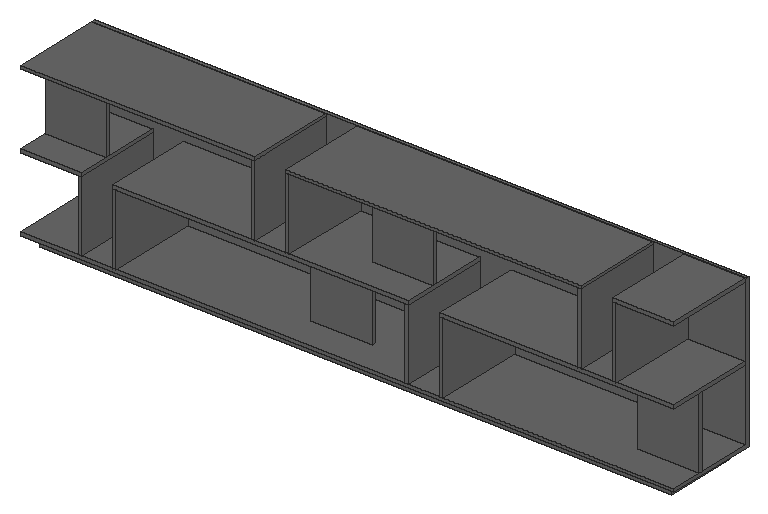
Revit family "Grek Box", category Arredi, Revit 2015
Parameters (values of type "240x34 cm - a parete")
  URL = "http://www.livingdivani.it"
  Modello = "Grek Box"
  Mensole 120 = not(Larghezza Doppia)  # no
  Mat. Struttura = Acciaio - Lucido
  Mat. Scaffali = Satinata - Nero
  Produttore = "LivingDivani"
  Lunghezza = if(Larghezza Doppia, 240 cm, 120 cm)  # 240 cm
  Mensole 240 = Larghezza Doppia  # yes
  Larghezza Doppia = yes
  Codice Prodotto = "GREL240"
  Aggancio 240 = and(A Parete, Larghezza Doppia)  # yes
  Aggancio 120 = and(A Parete, not(Larghezza Doppia))  # no
  A Parete = yes
Types (5, lengths in cm): name | Mensole 120 | Lunghezza | Mensole 240 | Larghezza Doppia | Codice Prodotto | Aggancio 240 | Aggancio 120 | A Parete
  (no name) | no | 240 | yes | yes | "GREL240" | yes | no | yes
  120x34 cm - a parete | yes | 120 | no | no | "GREL120" | no | yes | yes
  240x34 cm - a parete | no | 240 | yes | yes | "GREL240" | yes | no | yes
  240x34 cm | no | 240 | yes | yes | "GREL240" | no | no | no
  120x34 cm | yes | 120 | no | no | "GREL120" | no | no | no
Reference planes (cm)
  plane 1 "Centro (Fronte/Retro)": y = 0
  plane 2: z = 0
  plane 3 "Centro (Sinistra/Destra)": x = 0
  plane 4: x = -120
  plane 5: x = 120
  plane 6: y = 17
  plane 7: y = -17
  plane 8: z = 31.4
  plane 9: z = 60
Forms (cm)
  Extrusion 1, solid, material "Satinata - Nero" <- "Mat. Scaffali"
    sketch origin (0, 0, 0) x (1, 0, 0) y (0, 1, 0)
      loop
        line (116, -13) -> (116, 13) -> (-116, 13) -> (-116, -13) -> (116, -13)
    from 0 to 4
  Extrusion 2, solid, material "Satinata - Nero" <- "Mat. Scaffali"
    sketch origin (0, 0, 0) x (1, 0, 0) y (0, 1, 0)
      loop
        line (-120, 17) -> (-120, -17) -> (120, -17) -> (120, 17) -> (-120, 17)
    from 4 to 5.2
  Extrusion 3, solid, material "Satinata - Nero" <- "Mat. Scaffali"
    sketch origin (0, -4.3, 0) x (1, 0, 0) y (0, 0, 1)
      loop
        line (-120, 32.6) -> (-97.5, 32.6) -> (-97.5, 58.8) -> (-120, 58.8) -> (-120, 32.6)
    from 0 to 1.2
  Extrusion 4, solid, material "Satinata - Nero" <- "Mat. Scaffali"
    sketch origin (0, 17, 4.8) x (1, 0, 0) y (0, 0, 1)
      loop
        line (-120, 0.4) -> (120, 0.4) -> (120, 55.2) -> (-120, 55.2) -> (-120, 0.4)
    from 0 to 1.2
  Extrusion 5, solid, material "Satinata - Nero" <- "Mat. Scaffali", visible <- "Mensole 240"
    sketch origin (-92.9514, -152.4, 60) x (-1, 0, 0) y (0, -1, 0)
      loop
        line (-70.4514, -135.4) -> (-178.9514, -135.4) -> (-178.9514, -168.2) -> (-70.4514, -168.2) -> (-70.4514, -135.4)
      loop
        line (27.0486, -135.4) -> (-58.9514, -135.4) -> (-58.9514, -168.2) -> (27.0486, -168.2) -> (27.0486, -135.4)
    from 0 to -1.2
  Extrusion 6, solid, material "Satinata - Nero" <- "Mat. Scaffali"
    sketch origin (0, -4.3, 0) x (-1, 0, 0) y (0, 0, -1)
      loop
        line (-120, -5.2) -> (-120, -31.4) -> (-97.5, -31.4) -> (-97.5, -5.2) -> (-120, -5.2)
    from 0 to 1.2
  Extrusion 7, solid, material "Satinata - Nero" <- "Mat. Scaffali", visible <- "Mensole 240"
    sketch origin (-92.9514, -152.4, 31.4) x (-1, 0, 0) y (0, -1, 0)
      loop
        line (-6.9514, -135.4) -> (-115.4514, -135.4) -> (-115.4514, -168.2) -> (-6.9514, -168.2) -> (-6.9514, -135.4)
      loop
        line (-126.9514, -135.4) -> (-212.9514, -135.4) -> (-212.9514, -168.2) -> (-126.9514, -168.2) -> (-126.9514, -135.4)
    from 0 to 1.2
  Extrusion 8, solid, material "Satinata - Nero" <- "Mat. Scaffali"
    sketch origin (-38.7, 0, 0) x (0, 1, 0) y (0, 0, 1)
      loop
        line (-17, 31.4) -> (-17, 5.2) -> (15.8, 5.2) -> (15.8, 31.4) -> (-17, 31.4)
    from -60 to -58.8
  Extrusion 9, solid, material "Satinata - Nero" <- "Mat. Scaffali"
    sketch origin (-26, 0, 0) x (0, 1, 0) y (0, 0, 1)
      loop
        line (-17, 31.4) -> (-17, 5.2) -> (15.8, 5.2) -> (15.8, 31.4) -> (-17, 31.4)
    from -60 to -58.8
  Extrusion 10, solid, material "Satinata - Nero" <- "Mat. Scaffali"
    sketch origin (-190.4514, -152.4, 31.4) x (-1, 0, 0) y (0, -1, 0)
      loop
        line (-70.4514, -135.4) -> (-92.9514, -135.4) -> (-92.9514, -168.2) -> (-70.4514, -168.2) -> (-70.4514, -135.4)
    from 0 to 1.2
  Extrusion 11, solid, material "Satinata - Nero" <- "Mat. Scaffali"
    sketch origin (38.7, 0, 0) x (0, 1, 0) y (0, 0, -1)
      loop
        line (-17, -58.8) -> (15.8, -58.8) -> (15.8, -32.6) -> (-17, -32.6) -> (-17, -58.8)
    from -60 to -58.8
  Extrusion 12, solid, material "Satinata - Nero" <- "Mat. Scaffali"
    sketch origin (26, 0, 0) x (0, 1, 0) y (0, 0, -1)
      loop
        line (-17, -58.8) -> (15.8, -58.8) -> (15.8, -32.6) -> (-17, -32.6) -> (-17, -58.8)
    from -60 to -58.8
  Extrusion 13, solid, material "Satinata - Nero" <- "Mat. Scaffali"
    sketch origin (7.0486, -152.4, 60) x (-1, 0, 0) y (0, -1, 0)
      loop
        line (-90.4514, -135.4) -> (-112.9514, -135.4) -> (-112.9514, -168.2) -> (-90.4514, -168.2) -> (-90.4514, -135.4)
    from 0 to -1.2
  Extrusion 14, solid, material "Satinata - Nero" <- "Mat. Scaffali", visible <- "Mensole 240"
    sketch origin (-97.5, -4.3, 0) x (-1, 0, 0) y (0, 0, -1)
      loop
        line (-120, -32.6) -> (-120, -58.8) -> (-97.5, -58.8) -> (-97.5, -32.6) -> (-120, -32.6)
    from 0 to 1.2
  Extrusion 15, solid, material "Satinata - Nero" <- "Mat. Scaffali", visible <- "Mensole 240"
    sketch origin (97.5, -4.3, 0) x (1, 0, 0) y (0, 0, 1)
      loop
        line (-120, 5.2) -> (-97.5, 5.2) -> (-97.5, 31.4) -> (-120, 31.4) -> (-120, 5.2)
    from 0 to 1.2
  Extrusion 16, solid, material "Satinata - Nero" <- "Mat. Scaffali", visible <- "Mensole 240"
    sketch origin (24.8, 0, 0) x (0, 1, 0) y (0, 0, 1)
      loop
        line (-17, 58.8) -> (-17, 32.6) -> (15.8, 32.6) -> (15.8, 58.8) -> (-17, 58.8)
    from -60 to -58.8
  Extrusion 17, solid, material "Satinata - Nero" <- "Mat. Scaffali", visible <- "Mensole 240"
    sketch origin (37.5, 0, 0) x (0, 1, 0) y (0, 0, 1)
      loop
        line (-17, 58.8) -> (-17, 32.6) -> (15.8, 32.6) -> (15.8, 58.8) -> (-17, 58.8)
    from -60 to -58.8
  Extrusion 18, solid, material "Satinata - Nero" <- "Mat. Scaffali", visible <- "Mensole 240"
    sketch origin (-24.8, 0, 0) x (0, 1, 0) y (0, 0, -1)
      loop
        line (-17, -31.4) -> (15.8, -31.4) -> (15.8, -5.2) -> (-17, -5.2) -> (-17, -31.4)
    from -60 to -58.8
  Extrusion 19, solid, material "Satinata - Nero" <- "Mat. Scaffali", visible <- "Mensole 240"
    sketch origin (-37.5, 0, 0) x (0, 1, 0) y (0, 0, -1)
      loop
        line (-17, -31.4) -> (15.8, -31.4) -> (15.8, -5.2) -> (-17, -5.2) -> (-17, -31.4)
    from -60 to -58.8
  Extrusion 20, solid, material "Satinata - Nero" <- "Mat. Scaffali", visible <- "Mensole 120"
    sketch origin (-156.4514, -152.4, 31.4) x (-1, 0, 0) y (0, -1, 0)
      loop
        line (-130.4514, -135.4) -> (-276.4514, -135.4) -> (-276.4514, -168.2) -> (-130.4514, -168.2) -> (-130.4514, -135.4)
    from 0 to 1.2
  Extrusion 21, solid, material "Satinata - Nero" <- "Mat. Scaffali", visible <- "Mensole 120"
    sketch origin (-26.9514, -152.4, 60) x (-1, 0, 0) y (0, -1, 0)
      loop
        line (33.0486, -135.4) -> (-52.9514, -135.4) -> (-52.9514, -168.2) -> (33.0486, -168.2) -> (33.0486, -135.4)
    from 0 to -1.2
Cuts and joins
  joined: Extrusion 2, Extrusion 4
Dimensions and locks (cm)
  locked: plane 6 to Extrusion 1 at 4
  locked: plane 7 to Extrusion 1 at 4
  locked: Extrusion 1 to plane 5 at 4
  locked: plane 4 to Extrusion 1 at 4
  locked: plane 7 to plane 6 at 34
  "Lunghezza": plane 4 to plane 5
  equal spacing: plane 4, plane 3 "Centro (Sinistra/Destra)", plane 5
  plane 4 to Extrusion 8 to Extrusion 8 = 21.3 cm locked, 1.2 cm locked
  plane 4 to Extrusion 9 to Extrusion 9 = 34 cm locked, 1.2 cm locked
  Extrusion 11 to Extrusion 11 to plane 5 = 1.2 cm locked, 21.3 cm locked
  Extrusion 12 to Extrusion 12 to plane 5 = 1.2 cm locked, 34 cm locked
  plane 4 to Extrusion 10 to Extrusion 7 = 22.5 cm locked, 11.5 cm locked
  Extrusion 5 to Extrusion 13 to plane 5 = 11.5 cm locked, 22.5 cm locked
  aligned and locked: level to plane 2
  aligned and locked: Extrusion 2 sketch curve to plane 6
  aligned and locked: Extrusion 2 sketch curve to plane 4
  aligned and locked: Extrusion 2 sketch curve to plane 7
  aligned and locked: Extrusion 2 sketch curve to plane 5
Automatic sketch dimensions
  Extrusion 1 sketch curve to plane 4 = 4 cm
  Extrusion 1 sketch curve to plane 5 = 4 cm
  Extrusion 1 sketch curve to plane 7 = 4 cm
  Extrusion 1 sketch curve to plane 6 = 4 cm
  plane 4 to Extrusion 3 sketch curve = 0 cm
  Extrusion 3 sketch curve to plane 9 = 1.2 cm
  Extrusion 3 sketch curve to plane 4 = 22.5 cm
  plane 8 to Extrusion 3 sketch curve = 1.2 cm
  plane 4 to Extrusion 4 sketch curve = 0 cm
  Extrusion 4 sketch curve to plane 5 = 0 cm
  Extrusion 4 sketch curve to plane 9 = 0 cm
  level to Extrusion 4 sketch curve = 5.2 cm
  Extrusion 6 sketch curve to plane 5 = 0 cm
  Extrusion 6 sketch curve to plane 8 = 0 cm
  Extrusion 6 sketch curve to plane 5 = 22.5 cm
  level to Extrusion 6 sketch curve = 5.2 cm
  Extrusion 8 sketch curve to plane 7 = 0 cm
  Extrusion 8 sketch curve to plane 8 = 0 cm
  Extrusion 8 sketch curve to plane 6 = 1.2 cm
  level to Extrusion 8 sketch curve = 5.2 cm
  Extrusion 9 sketch curve to plane 7 = 0 cm
  Extrusion 9 sketch curve to plane 8 = 0 cm
  Extrusion 9 sketch curve to plane 6 = 1.2 cm
  level to Extrusion 9 sketch curve = 5.2 cm
  plane 7 to Extrusion 10 sketch curve = 0 cm
  Extrusion 10 sketch curve to plane 4 = 0 cm
  Extrusion 10 sketch curve to plane 6 = 1.2 cm
  Extrusion 10 sketch curve to plane 4 = 22.5 cm
  Extrusion 11 sketch curve to plane 7 = 0 cm
  Extrusion 11 sketch curve to plane 6 = 1.2 cm
  Extrusion 11 sketch curve to plane 9 = 1.2 cm
  plane 8 to Extrusion 11 sketch curve = 1.2 cm
  Extrusion 12 sketch curve to plane 7 = 0 cm
  Extrusion 12 sketch curve to plane 6 = 1.2 cm
  Extrusion 12 sketch curve to plane 9 = 1.2 cm
  plane 8 to Extrusion 12 sketch curve = 1.2 cm
  Extrusion 13 sketch curve to plane 5 = 0 cm
  plane 7 to Extrusion 13 sketch curve = 0 cm
  Extrusion 13 sketch curve to plane 6 = 1.2 cm
  Extrusion 13 sketch curve to Extrusion 13 sketch curve = 22.5 cm
  Extrusion 14 sketch curve to plane 3 "Centro (Sinistra/Destra)" = 0 cm
  plane 8 to Extrusion 14 sketch curve = 1.2 cm
  plane 3 "Centro (Sinistra/Destra)" to Extrusion 14 sketch curve = 22.5 cm
  Extrusion 14 sketch curve to plane 9 = 1.2 cm
  Extrusion 15 sketch curve to plane 8 = 0 cm
  Extrusion 15 sketch curve to plane 3 "Centro (Sinistra/Destra)" = 0 cm
  level to Extrusion 15 sketch curve = 5.2 cm
  Extrusion 15 sketch curve to plane 3 "Centro (Sinistra/Destra)" = 22.5 cm
  Extrusion 16 sketch curve to plane 7 = 0 cm
  Extrusion 16 sketch curve to plane 6 = 1.2 cm
  plane 8 to Extrusion 16 sketch curve = 1.2 cm
  Extrusion 16 sketch curve to plane 9 = 1.2 cm
  Extrusion 17 sketch curve to plane 7 = 0 cm
  Extrusion 17 sketch curve to plane 6 = 1.2 cm
  plane 8 to Extrusion 17 sketch curve = 1.2 cm
  Extrusion 17 sketch curve to plane 9 = 1.2 cm
  Extrusion 18 sketch curve to plane 7 = 0 cm
  Extrusion 18 sketch curve to plane 8 = 0 cm
  Extrusion 18 sketch curve to plane 6 = 1.2 cm
  level to Extrusion 18 sketch curve = 5.2 cm
  Extrusion 19 sketch curve to plane 7 = 0 cm
  Extrusion 19 sketch curve to plane 8 = 0 cm
  Extrusion 19 sketch curve to plane 6 = 1.2 cm
  level to Extrusion 19 sketch curve = 5.2 cm
  Extrusion 20 sketch curve to plane 5 = 0 cm
  plane 7 to Extrusion 20 sketch curve = 0 cm
  Extrusion 20 sketch curve to plane 3 "Centro (Sinistra/Destra)" = 26 cm
  Extrusion 20 sketch curve to plane 6 = 1.2 cm
  plane 7 to Extrusion 21 sketch curve = 0 cm
  plane 3 "Centro (Sinistra/Destra)" to Extrusion 21 sketch curve = 26 cm
  Extrusion 21 sketch curve to plane 6 = 1.2 cm
  Extrusion 21 sketch curve to plane 3 "Centro (Sinistra/Destra)" = 60 cm
  plane 7 to Extrusion 5 sketch curve = 0 cm  (x2)
  Extrusion 5 sketch curve to plane 4 = 0 cm
  Extrusion 5 sketch curve to plane 6 = 1.2 cm  (x2)
  Extrusion 5 sketch curve to plane 3 "Centro (Sinistra/Destra)" = 34 cm
  Extrusion 5 sketch curve to Extrusion 5 sketch curve = 11.5 cm
  Extrusion 5 sketch curve to plane 5 = 34 cm
  Extrusion 7 sketch curve to plane 5 = 0 cm
  plane 7 to Extrusion 7 sketch curve = 0 cm  (x2)
  plane 3 "Centro (Sinistra/Destra)" to Extrusion 7 sketch curve = 34 cm
  Extrusion 7 sketch curve to Extrusion 7 sketch curve = 11.5 cm
  Extrusion 7 sketch curve to plane 4 = 34 cm
  Extrusion 7 sketch curve to plane 6 = 1.2 cm  (x2)
Nested families (cm)
  nested 1: "appoggio 240" at (0, 0, 0), visible <- "Aggancio 240", type "appoggio 240"
  nested 2: "appoggio 120" at (0, 0, 0), visible <- "Aggancio 120", type "appoggio 120"
Definition of nested family "appoggio 240"
  Parameters (values of type "appoggio 240")
    Mat. Struttura = none
    Mat. Scaffali = none
  Reference planes (cm)
    plane 1 "Centro (Fronte/Retro)": y = 0
    plane 2: z = 0
    plane 3 "Centro (Sinistra/Destra)": x = 0
  Forms (cm)
    Extrusion 1, solid, material <- "Mat. Scaffali"
      sketch origin (0, 0, 0) x (1, 0, 0) y (0, 0, 1)
        loop
          line (115, 55) -> (85.5, 55) -> (85.5, 52.5) -> (87.5, 52.5)
          arc (87.5, 52.5) -> (87.8536, 52.3536) -> (88, 52) r 0.5
          line (88, 52) -> (88, 45) -> (98, 45)
          arc (98, 45) -> (102.9497, 42.9497) -> (105, 38) r 7
          line (105, 38) -> (105, 26)
          arc (105, 26) -> (102.9497, 21.0503) -> (98, 19) r 7
          line (98, 19) -> (-98, 19)
          arc (-98, 19) -> (-102.9497, 21.0503) -> (-105, 26) r 7
          line (-105, 26) -> (-105, 38)
          arc (-105, 38) -> (-102.9497, 42.9497) -> (-98, 45) r 7
          line (-98, 45) -> (-88, 45) -> (-88, 52)
          arc (-88, 52) -> (-87.8536, 52.3536) -> (-87.5, 52.5) r 0.5
          line (-87.5, 52.5) -> (-85.5, 52.5) -> (-85.5, 55) -> (-115, 55) -> (-115, 9) -> (115, 9) -> (115, 55)
        loop
          line (80, 45) -> (80, 52)
          arc (80, 52) -> (80.1464, 52.3536) -> (80.5, 52.5) r 0.5
          line (80.5, 52.5) -> (82.5, 52.5) -> (82.5, 55) -> (29.5, 55) -> (29.5, 52.5) -> (31.5, 52.5)
          arc (31.5, 52.5) -> (31.8536, 52.3536) -> (32, 52) r 0.5
          line (32, 52) -> (32, 45) -> (80, 45)
        loop
          line (24, 45) -> (24, 52)
          arc (24, 52) -> (24.1464, 52.3536) -> (24.5, 52.5) r 0.5
          line (24.5, 52.5) -> (26.5, 52.5) -> (26.5, 55) -> (-26.5, 55) -> (-26.5, 52.5) -> (-24.5, 52.5)
          arc (-24.5, 52.5) -> (-24.1464, 52.3536) -> (-24, 52) r 0.5
          line (-24, 52) -> (-24, 45) -> (24, 45)
        loop
          line (-32, 45) -> (-32, 52)
          arc (-32, 52) -> (-31.8536, 52.3536) -> (-31.5, 52.5) r 0.5
          line (-31.5, 52.5) -> (-29.5, 52.5) -> (-29.5, 55) -> (-82.5, 55) -> (-82.5, 52.5) -> (-80.5, 52.5)
          arc (-80.5, 52.5) -> (-80.1464, 52.3536) -> (-80, 52) r 0.5
          line (-80, 52) -> (-80, 45) -> (-32, 45)
      from -20.5 to -17
    Extrusion 2, solid, material <- "Mat. Scaffali"
      sketch origin (-120, 17, 0) x (1, 0, 0) y (0, 0, -1)
        loop
          line (208, -52) -> (208, -45) -> (200, -45) -> (200, -52)
          arc (200, -52) -> (200.1464, -52.3536) -> (200.5, -52.5) r 0.5
          line (200.5, -52.5) -> (202.5, -52.5) -> (202.5, -55) -> (205.5, -55) -> (205.5, -52.5) -> (207.5, -52.5)
          arc (207.5, -52.5) -> (207.8536, -52.3536) -> (208, -52) r 0.5
        loop
          line (152, -52) -> (152, -45) -> (144, -45) -> (144, -52)
          arc (144, -52) -> (144.1464, -52.3536) -> (144.5, -52.5) r 0.5
          line (144.5, -52.5) -> (146.5, -52.5) -> (146.5, -55) -> (149.5, -55) -> (149.5, -52.5) -> (151.5, -52.5)
          arc (151.5, -52.5) -> (151.8536, -52.3536) -> (152, -52) r 0.5
        loop
          line (96, -52) -> (96, -45) -> (88, -45) -> (88, -52)
          arc (88, -52) -> (88.1464, -52.3536) -> (88.5, -52.5) r 0.5
          line (88.5, -52.5) -> (90.5, -52.5) -> (90.5, -55) -> (93.5, -55) -> (93.5, -52.5) -> (95.5, -52.5)
          arc (95.5, -52.5) -> (95.8536, -52.3536) -> (96, -52) r 0.5
        loop
          line (40, -52) -> (40, -45) -> (32, -45) -> (32, -52)
          arc (32, -52) -> (32.1464, -52.3536) -> (32.5, -52.5) r 0.5
          line (32.5, -52.5) -> (34.5, -52.5) -> (34.5, -55) -> (37.5, -55) -> (37.5, -52.5) -> (39.5, -52.5)
          arc (39.5, -52.5) -> (39.8536, -52.3536) -> (40, -52) r 0.5
      from 0 to 2.5
    Extrusion 3, solid, material <- "Mat. Struttura"
      sketch origin (0, 0, 0) x (1, 0, 0) y (0, 0, 1)
        loop
          line (88, 45) -> (88, 52)
          arc (88, 52) -> (87.8536, 52.3536) -> (87.5, 52.5) r 0.5
          line (87.5, 52.5) -> (80.5, 52.5)
          arc (80.5, 52.5) -> (80.1464, 52.3536) -> (80, 52) r 0.5
          line (80, 52) -> (80, 45) -> (88, 45)
        loop
          line (32, 45) -> (32, 52)
          arc (32, 52) -> (31.8536, 52.3536) -> (31.5, 52.5) r 0.5
          line (31.5, 52.5) -> (24.5, 52.5)
          arc (24.5, 52.5) -> (24.1464, 52.3536) -> (24, 52) r 0.5
          line (24, 52) -> (24, 45) -> (32, 45)
        loop
          line (-24, 45) -> (-24, 52)
          arc (-24, 52) -> (-24.1464, 52.3536) -> (-24.5, 52.5) r 0.5
          line (-24.5, 52.5) -> (-31.5, 52.5)
          arc (-31.5, 52.5) -> (-31.8536, 52.3536) -> (-32, 52) r 0.5
          line (-32, 52) -> (-32, 45) -> (-24, 45)
        loop
          line (-80, 45) -> (-80, 52)
          arc (-80, 52) -> (-80.1464, 52.3536) -> (-80.5, 52.5) r 0.5
          line (-80.5, 52.5) -> (-87.5, 52.5)
          arc (-87.5, 52.5) -> (-87.8536, 52.3536) -> (-88, 52) r 0.5
          line (-88, 52) -> (-88, 45) -> (-80, 45)
      from -20.5 to -19.7
    Extrusion 4, solid, material <- "Mat. Struttura"
      sketch origin (0, 0, -1) x (0, 1, 0) y (0, 0, 1)
        loop
          arc (19.85, 44.7) -> (19.7439, 44.7439) -> (19.7, 44.85) r 0.15
          line (19.7, 44.85) -> (19.7, 46) -> (19.5, 46) -> (19.5, 44.65)
          arc (19.5, 44.65) -> (19.5439, 44.5439) -> (19.65, 44.5) r 0.15
          line (19.65, 44.5) -> (20.35, 44.5)
          arc (20.35, 44.5) -> (20.4561, 44.4561) -> (20.5, 44.35) r 0.15
          line (20.5, 44.35) -> (20.5, 43.2) -> (20.7, 43.2) -> (20.7, 44.55)
          arc (20.7, 44.55) -> (20.6561, 44.6561) -> (20.55, 44.7) r 0.15
          line (20.55, 44.7) -> (19.85, 44.7)
      from -98 to 98
  Cuts and joins
    joined: Extrusion 1, Extrusion 2
  Dimensions and locks (cm)
    aligned and locked: level to plane 2
Definition of nested family "appoggio 120"
  Parameters (values of type "appoggio 120")
    Mat. Struttura = none
    Mat. Scaffali = none
  Reference planes (cm)
    plane 1 "Centro (Fronte/Retro)": y = 0
    plane 2: z = 0
    plane 3 "Centro (Sinistra/Destra)": x = 0
  Forms (cm)
    Extrusion 1, solid, material <- "Mat. Scaffali"
      sketch origin (0, 0, 0) x (1, 0, 0) y (0, 0, 1)
        loop
          line (55, 9) -> (55, 55) -> (25.5, 55) -> (25.5, 52.5) -> (27.5, 52.5)
          arc (27.5, 52.5) -> (27.8536, 52.3536) -> (28, 52) r 0.5
          line (28, 52) -> (28, 45) -> (38, 45)
          arc (38, 45) -> (42.9497, 42.9497) -> (45, 38) r 7
          line (45, 38) -> (45, 26)
          arc (45, 26) -> (42.9497, 21.0503) -> (38, 19) r 7
          line (38, 19) -> (-38, 19)
          arc (-38, 19) -> (-42.9497, 21.0503) -> (-45, 26) r 7
          line (-45, 26) -> (-45, 38)
          arc (-45, 38) -> (-42.9497, 42.9497) -> (-38, 45) r 7
          line (-38, 45) -> (-28, 45) -> (-28, 52)
          arc (-28, 52) -> (-27.8536, 52.3536) -> (-27.5, 52.5) r 0.5
          line (-27.5, 52.5) -> (-25.5, 52.5) -> (-25.5, 55) -> (-55, 55) -> (-55, 9) -> (55, 9)
        loop
          line (22.5, 55) -> (-22.5, 55) -> (-22.5, 52.5) -> (-20.5, 52.5)
          arc (-20.5, 52.5) -> (-20.1464, 52.3536) -> (-20, 52) r 0.5
          line (-20, 52) -> (-20, 45) -> (20, 45) -> (20, 52)
          arc (20, 52) -> (20.1464, 52.3536) -> (20.5, 52.5) r 0.5
          line (20.5, 52.5) -> (22.5, 52.5) -> (22.5, 55)
      from -20.5 to -17
    Extrusion 2, solid, material <- "Mat. Scaffali"
      sketch origin (-120, 17, 0) x (1, 0, 0) y (0, 0, -1)
        loop
          line (148, -52) -> (148, -45) -> (140, -45) -> (140, -52)
          arc (140, -52) -> (140.1464, -52.3536) -> (140.5, -52.5) r 0.5
          line (140.5, -52.5) -> (142.5, -52.5) -> (142.5, -55) -> (145.5, -55) -> (145.5, -52.5) -> (147.5, -52.5)
          arc (147.5, -52.5) -> (147.8536, -52.3536) -> (148, -52) r 0.5
        loop
          arc (92, -52) -> (92.1464, -52.3536) -> (92.5, -52.5) r 0.5
          line (92.5, -52.5) -> (94.5, -52.5) -> (94.5, -55) -> (97.5, -55) -> (97.5, -52.5) -> (99.5, -52.5)
          arc (99.5, -52.5) -> (99.8536, -52.3536) -> (100, -52) r 0.5
          line (100, -52) -> (100, -45) -> (92, -45) -> (92, -52)
      from 0 to 2.5
    Extrusion 3, solid, material <- "Mat. Struttura"
      sketch origin (0, 0, 0) x (1, 0, 0) y (0, 0, 1)
        loop
          line (28, 45) -> (28, 52)
          arc (28, 52) -> (27.8536, 52.3536) -> (27.5, 52.5) r 0.5
          line (27.5, 52.5) -> (20.5, 52.5)
          arc (20.5, 52.5) -> (20.1464, 52.3536) -> (20, 52) r 0.5
          line (20, 52) -> (20, 45) -> (28, 45)
        loop
          line (-28, 45) -> (-25.5, 45) -> (-22.5, 45) -> (-20, 45) -> (-20, 52)
          arc (-20, 52) -> (-20.1464, 52.3536) -> (-20.5, 52.5) r 0.5
          line (-20.5, 52.5) -> (-27.5, 52.5)
          arc (-27.5, 52.5) -> (-27.8536, 52.3536) -> (-28, 52) r 0.5
          line (-28, 52) -> (-28, 45)
      from -20.5 to -19.7
    Extrusion 4, solid, material <- "Mat. Struttura"
      sketch origin (0, 0, -1) x (0, 1, 0) y (0, 0, 1)
        loop
          arc (19.85, 44.7) -> (19.7439, 44.7439) -> (19.7, 44.85) r 0.15
          line (19.7, 44.85) -> (19.7, 46) -> (19.5, 46) -> (19.5, 44.65)
          arc (19.5, 44.65) -> (19.5439, 44.5439) -> (19.65, 44.5) r 0.15
          line (19.65, 44.5) -> (20.35, 44.5)
          arc (20.35, 44.5) -> (20.4561, 44.4561) -> (20.5, 44.35) r 0.15
          line (20.5, 44.35) -> (20.5, 43.2) -> (20.7, 43.2) -> (20.7, 44.55)
          arc (20.7, 44.55) -> (20.6561, 44.6561) -> (20.55, 44.7) r 0.15
          line (20.55, 44.7) -> (19.85, 44.7)
      from -38 to 38
  Cuts and joins
    joined: Extrusion 1, Extrusion 2
  Dimensions and locks (cm)
    aligned and locked: level to plane 2
